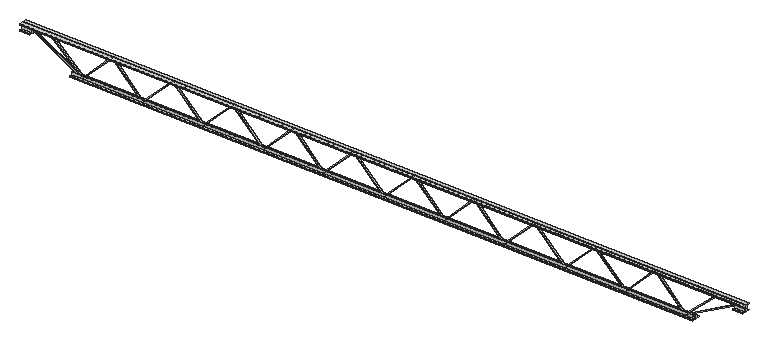
Revit family "M_Caibro de barra série K-Vara de teia", category Quadro estrutural, Revit 2019
Family settings
  Arredondamento do comprimento do framing estrutural = 1 mm
  Forma do corte = Não definido
  Material para o comportamento do modelo = Aço
  Exportar sempre como geometria = Sim
  Número OmniClass = 23.25.30.21.14.11
  Título OmniClass = Metal Joists
  ID de item do Seek = K-Series Bar Joist-Rod Web-0000-CAN-ENU
  Sempre na vertical = Sim
  Corte com vazios quando carregada = Não
  Representação simbólica = Da família
  Compartilhado = Não
  Exibir o pré-corte da família na vista da planta = Sim
Parameters (values of type "12K1")
  Material estrutural = none
  Deslocamento inicial [instance] = 0 mm
  M = 7.4
  Espessura da teia = 9.5 mm
  Comprimento do assento = 100 mm
  Profundidade do assento = 63.5 mm
  NumMatrizPainel [instance] = ComprimentoMatrizPainel / (2 * Linear)  # 10
  ComprimentoMatrizPainel [instance] = Length - (2 * Painel final)  # 6180 mm
  Painel [instance] = ComprimentoMatrizPainel / NumMatrizPainel  # 618 mm
  Extensão inicial [instance] = 0 mm
  Painel final = 2 * Linear  # 610 mm
  Deslocamento final [instance] = 0 mm
  Extensão final [instance] = 0 mm
  Perna da corda = 32 mm
  Espessura da corda = 6.5 mm
  Assembly Code = ""
  Length [instance] = 7400 mm
  Linear = 305 mm
Types (3, lengths in mm): name | M | NumMatrizPainel | ComprimentoMatrizPainel | Painel | Painel final | Linear
  (no name) | 7.4 | 10 | 6180 | 618 | 610 | 305
  12K1 | 7.4 | 10 | 6180 | 618 | 610 | 305
  8K1 | 7.6 | 16 | 6588 | 411.75 | 406 | 203
Reference planes
  plane 1 "Centro (Frente/Trás)": y = 0
  plane 2: z = 0
  plane 3 "Centro (Esquerda/Direita)": x = 4.61
  plane 4 "Membro esquerdo": x = -2027.39
  plane 5 "Membro direito": x = 2036.61
  plane 6: y = 36.75
  plane 7: y = -36.75
  plane 8: z = 152.5
  plane 9: z = -152.5
  plane 10 "Esquerda": x = -3695.39
  plane 11 "Símbolo esquerdo de verga": x = -4610.332
  plane 12 "Símbolo direito de verga": x = 4594.61
  plane 13 "Direita": x = 3704.61
  plane 14: z = 89
  plane 15: x = -3695.39
  plane 16: x = -3595.39
  plane 17: x = -3085.39
  plane 18: x = -3185.39
  plane 19: x = 3704.61
  plane 20: x = 3604.61
  plane 21: x = 3094.61
  plane 22: y = 4.75
  plane 23: y = -4.75
  plane 24: z = 120.5
  plane 25: z = -120.5
  plane 26: x = 3194.61
  plane 27: x = -3394.39
  plane 28: x = -2776.39
  plane 29: x = 2785.61
  plane 30: x = 3403.61
  plane 31: z = -146.15
  plane 32: z = 146.15
  plane 33: x = -3695.39
  plane 34: x = 3704.61
  plane 35 "Esquerda do símbolo": x = -4610.332
  plane 36: x = -4610.332
  plane 37: x = 4594.61
  plane 38 "Direita do símbolo": x = 4594.61
Forms (mm)
  Extrusion 1, solid, material <- "Material estrutural", detail levels medium+fine
    sketch origin (4.61, 0, 0) x (0, 1, 0) y (0, 0, 1)
      loop
        line (36.75, 152.5) -> (4.75, 152.5) -> (4.75, 120.5) -> (11.25, 120.5) -> (11.25, 146) -> (36.75, 146) -> (36.75, 152.5)
      loop
        line (-36.75, 152.5) -> (-36.75, 146) -> (-11.25, 146) -> (-11.25, 120.5) -> (-4.75, 120.5) -> (-4.75, 152.5) -> (-36.75, 152.5)
    from -3700 to 3700
  Extrusion 2, solid, material <- "Material estrutural", detail levels medium+fine
    sketch origin (4.61, 0, 0) x (0, 1, 0) y (0, 0, 1)
      loop
        line (4.75, -120.5) -> (4.75, -152.5) -> (36.75, -152.5) -> (36.75, -146) -> (11.25, -146) -> (11.25, -120.5) -> (4.75, -120.5)
      loop
        line (-4.75, -120.5) -> (-11.25, -120.5) -> (-11.25, -146) -> (-36.75, -146) -> (-36.75, -152.5) -> (-4.75, -152.5) -> (-4.75, -120.5)
    from -3190 to 3190
  Extrusion 3, solid, material <- "Material estrutural", detail levels medium+fine
    sketch origin (4.61, 0, 0) x (0, 1, 0) y (0, 0, 1)
      loop
        line (36.75, 89) -> (36.75, 95.5) -> (11.25, 95.5) -> (11.25, 120.5) -> (4.75, 120.5) -> (4.75, 89) -> (36.75, 89)
      loop
        line (-36.75, 89) -> (-4.75, 89) -> (-4.75, 120.5) -> (-11.25, 120.5) -> (-11.25, 95.5) -> (-36.75, 95.5) -> (-36.75, 89)
    from 3600 to 3700
  Extrusion 4, solid, material <- "Material estrutural", detail levels medium+fine
    sketch origin (4.61, 0, 0) x (0, 1, 0) y (0, 0, 1)
      loop
        line (-36.75, 89) -> (-4.75, 89) -> (-4.75, 120.5) -> (-11.25, 120.5) -> (-11.25, 95.5) -> (-36.75, 95.5) -> (-36.75, 89)
      loop
        line (4.75, 89) -> (36.75, 89) -> (36.75, 95.5) -> (11.25, 95.5) -> (11.25, 120.5) -> (4.75, 120.5) -> (4.75, 89)
    from -3700 to -3600
  Sweep 5, solid, material <- "Material estrutural", detail levels fine
    path origin (0, 0, 0) x (1, 0, 0) y (0, 0, 1)
      loop
        line (-3414.347, 133.45) -> (-3401.647, 133.45) -> (-3085.39, -146.15)
    profile origin (-3407.997, 0, 133.45) x (0, 0, 1) y (0, -1, 0)
      loop
        line (4.75, -4.75) -> (4.75, 4.75) -> (-4.75, 4.75) -> (-4.75, -4.75) -> (4.75, -4.75)
  Sweep 6, solid, material <- "Material estrutural", detail levels fine
    path origin (0, 0, 0) x (1, 0, 0) y (0, 0, 1)
      loop
        line (-3085.39, -146.15) -> (-3595.39, 120.5) -> (-3695.39, 120.5)
    profile origin (-3645.39, 0, 120.5) x (0, 0, -1) y (0, -1, 0)
      loop
        line (-4.75, -4.75) -> (4.75, -4.75) -> (4.75, 4.75) -> (-4.75, 4.75) -> (-4.75, -4.75)
  Sweep 7, solid, material <- "Material estrutural", detail levels fine
    path origin (0, 0, 0) x (1, 0, 0) y (0, 0, 1)
      loop
        line (3418.124, 146.15) -> (3094.61, -146.15)
    profile "Teia-Perfil1 : Teia-Perfil1" origin (3256.367, 0, 0) x (0.670404, 0, -0.741996) y (0, -1, 0)
      loop
        line (-4.75, 4.75) -> (-4.75, -4.75) -> (4.75, -4.75) -> (4.75, 4.75) -> (-4.75, 4.75)
  Sweep 8, solid, material <- "Material estrutural", detail levels fine
    path origin (0, 0, 0) x (1, 0, 0) y (0, 0, 1)
      loop
        line (3604.61, 120.5) -> (3094.61, -146.15)
    profile "Teia-Perfil1 : Teia-Perfil1" origin (3349.61, 0, -12.825) x (0.463335, 0, -0.886183) y (0, -1, 0)
      loop
        line (-4.75, 4.75) -> (-4.75, -4.75) -> (4.75, -4.75) -> (4.75, 4.75) -> (-4.75, 4.75)
Lines and regions (mm)
  symbolic lines, style "StructuralFraming", detail levels coarse
    curve 1: line (0, 36.75, 152.5) -> (0, 4.75, 152.5)
    curve 2: line (0, -36.75, -152.5) -> (0, -4.75, -152.5)
    curve 14: line (0, 4.75, -152.5) -> (0, 36.75, -152.5)
    curve 15: line (4.61, 4.75, -152.5) -> (4.61, 4.75, -120.5)
    curve 16: line (4.61, -4.75, -152.5) -> (4.61, -4.75, -120.5)
    curve 17: line (4.61, -4.75, 152.5) -> (4.61, -4.75, 120.5)
    curve 18: line (4.61, 4.75, 152.5) -> (4.61, 4.75, 120.5)
    curve 19: line (0, -4.75, 152.5) -> (0, -36.75, 152.5)
  symbolic lines, style "StructuralFraming", detail levels coarse+medium
    curve 3: line (0, 0, -152.5) -> (0, 0, 152.5)
  reference lines
    curve 4: line (-4510.332, 0, -276.008) -> (-4510.332, 0, 232.192)
    curve 5: line (-3900.332, 0, -282.358) -> (-3900.332, 0, 232.192)
    curve 7: line (4494.61, 0, -223.088) -> (4494.61, 0, 234.312)
    curve 8: line (3884.61, 0, -350.088) -> (3884.61, 0, 234.312)
  model lines, style "Caibro da teia", detail levels coarse
    curve 6: line (-4510.332, 0, 152.5) -> (-3900.332, 0, -152.5)
    curve 9: line (4494.61, 0, 152.5) -> (3884.61, 0, -152.5)
    curve 10: line (3884.61, 0, -152.5) -> (-3900.332, 0, -152.5)
    curve 11: line (4594.61, 0, 152.5) -> (-4610.332, 0, 152.5)
  model lines, style "StructuralFraming", detail levels medium
    curve 12: line (-3085.39, 0, -146.15) -> (-3386.999, 0, 120.5)
    curve 13: line (3389.735, 0, 120.5) -> (3094.61, 0, -146.15)
  model lines, detail levels medium
    curve 20: line (3604.61, 0, 120.5) -> (3094.61, 0, -146.15)
    curve 21: line (-3595.39, 0, 120.5) -> (-3085.39, 0, -146.15)
Dimensions and locks
  equal spacing: plane 9, plane 2, plane 8
  "Length": plane 10 "Esquerda" to plane 13 "Direita"
  equal spacing: plane 10 "Esquerda", plane 3 "Centro (Esquerda/Direita)", plane 13 "Direita"
  "Painel final": curve 5 to curve 4
  "Painel final": curve 7 to curve 8
  "Linear": plane 9 to plane 8
  "Profundidade do assento": plane 8 to plane 14
  locked: plane 18 to plane 17 at 100
  "Painel final": plane 10 "Esquerda" to plane 17
  "Painel final": plane 13 "Direita" to plane 21
  "Espessura da teia": plane 22 to plane 23
  equal spacing: plane 22, plane 1 "Centro (Frente/Trás)", plane 23
  "Perna da corda": plane 23 to plane 7
  "Perna da corda": plane 6 to plane 22
  "Perna da corda": plane 9 to plane 25
  "Perna da corda": plane 24 to plane 8
  "Espessura da corda": plane 8 to Extrusion 1 sketch curve
  "Espessura da corda": Extrusion 1 sketch curve to plane 8
  "Espessura da corda": plane 23 to Extrusion 1 sketch curve
  "Espessura da corda": Extrusion 1 sketch curve to plane 22
  "Espessura da corda": plane 9 to Extrusion 2 sketch curve  (x2)
  "Espessura da corda": Extrusion 2 sketch curve to plane 22
  "Espessura da corda": plane 23 to Extrusion 2 sketch curve
  locked: plane 21 to plane 26 at 100
  "Espessura da corda": plane 14 to Extrusion 3 sketch curve  (x2)
  "Espessura da corda": plane 23 to Extrusion 3 sketch curve
  "Espessura da corda": Extrusion 3 sketch curve to plane 22
  "Espessura da corda": plane 14 to Extrusion 4 sketch curve  (x2)
  "Espessura da corda": Extrusion 4 sketch curve to plane 22
  "Espessura da corda": plane 23 to Extrusion 4 sketch curve
  "Painel": plane 28 to plane 27
  equal spacing: plane 28, plane 17, plane 27
  "Painel": plane 29 to plane 30
  equal spacing: plane 29, plane 21, plane 30
  equal spacing: Sweep 5 sketch curve, curve 4, Sweep 5 sketch curve
  "Espessura da teia": Sweep 5 sketch curve to Sweep 5 sketch curve  (x2)
  equal spacing: Sweep 5 sketch curve, profile plane, Sweep 5 sketch curve
  locked: plane 31 to plane 9 at 6.35
  locked: plane 8 to plane 32 at 6.35
  locked: plane 8 to Sweep 5 sketch curve at 19.05
  "Espessura da teia": Sweep 6 sketch curve to Sweep 6 sketch curve
  equal spacing: Sweep 6 sketch curve, plane 24, Sweep 6 sketch curve
  equal spacing: group 1, group 3, group 4, group 5, group 6, group 7, group 8, group 9, group 10, group 2  (x3)
  "Deslocamento inicial": plane 10 "Esquerda" to plane 33
  "Comprimento do assento": plane 33 to plane 16
  "Extensão inicial": plane 15 to plane 33
  "Deslocamento final": plane 13 "Direita" to plane 34
  "Comprimento do assento": plane 34 to plane 20
  "Extensão final": plane 19 to plane 34
  "Comprimento do assento": plane 37 to curve 7
  "Comprimento do assento": curve 4 to plane 36
  "Extensão inicial": plane 36 to plane 35 "Esquerda do símbolo"
  "Deslocamento inicial": plane 36 to plane 11 "Símbolo esquerdo de verga"
  "Deslocamento final": plane 12 "Símbolo direito de verga" to plane 37
  "Extensão final": plane 38 "Direita do símbolo" to plane 37
  aligned and locked: curve 10 to plane 9
  aligned and locked: curve 4 to curve 6
  aligned and locked: curve 5 to curve 10
  aligned and locked: curve 8 to curve 10
  aligned and locked: plane 8 to Extrusion 1 sketch curve
  aligned and locked: Extrusion 1 sketch curve to plane 8
  aligned and locked: plane 6 to Extrusion 1 sketch curve
  aligned and locked: plane 7 to Extrusion 1 sketch curve
  aligned and locked: Extrusion 1 sketch curve to plane 24
  aligned and locked: plane 24 to Extrusion 1 sketch curve
  aligned and locked: plane 19 to Extrusion 1
  aligned and locked: plane 15 to Extrusion 1
  aligned and locked: plane 9 to Extrusion 2 sketch curve
  aligned and locked: Extrusion 2 sketch curve to plane 9
  aligned and locked: plane 6 to Extrusion 2 sketch curve
  aligned and locked: plane 7 to Extrusion 2 sketch curve
  aligned and locked: Extrusion 2 sketch curve to plane 22
  aligned and locked: Extrusion 2 sketch curve to plane 23
  aligned and locked: Extrusion 2 sketch curve to plane 25
  aligned and locked: plane 25 to Extrusion 2 sketch curve
  aligned and locked: Extrusion 2 to plane 26
  aligned and locked: plane 18 to Extrusion 2
  aligned and locked: Extrusion 3 sketch curve to plane 7
  aligned and locked: plane 14 to Extrusion 3 sketch curve
  aligned and locked: Extrusion 3 sketch curve to plane 14
  aligned and locked: Extrusion 3 sketch curve to plane 6
  aligned and locked: Extrusion 3 sketch curve to plane 23
  aligned and locked: Extrusion 3 sketch curve to plane 22
  aligned and locked: Extrusion 3 sketch curve to plane 24
  aligned and locked: plane 24 to Extrusion 3 sketch curve
  aligned and locked: plane 19 to Extrusion 3
  aligned and locked: Extrusion 3 to plane 20
  aligned and locked: plane 6 to Extrusion 4 sketch curve
  aligned and locked: Extrusion 4 sketch curve to plane 7
  aligned and locked: Extrusion 4 sketch curve to plane 22
  aligned and locked: plane 23 to Extrusion 4 sketch curve
  aligned and locked: plane 24 to Extrusion 4 sketch curve  (x2)
  aligned and locked: Extrusion 4 sketch curve to plane 14  (x2)
  aligned and locked: plane 15 to Extrusion 4
  aligned and locked: plane 16 to Extrusion 4
  aligned and locked: curve 12 to Sweep 5 sketch curve
  aligned and locked: Sweep 6 sketch curve to plane 22
  aligned and locked: plane 23 to Sweep 6 sketch curve
  aligned and locked: Sweep 7 sketch curve to curve 13
  aligned and locked: plane 1 "Centro (Frente/Trás)" to nested 1
  aligned and locked: nested 1 to plane 17
  aligned and locked: Extrusion 2 to curve 15
  aligned and locked: curve 15 to Extrusion 2
  aligned and locked: curve 2 to curve 16
  aligned and locked: curve 16 to Extrusion 2
  aligned and locked: Extrusion 1 to curve 17
  aligned and locked: curve 17 to Extrusion 1
  aligned and locked: curve 18 to Extrusion 1  (x2)
  aligned and locked: curve 1 to Extrusion 1
  aligned and locked: nested 2 to plane 21
  aligned and locked: curve 7 to curve 9
  aligned and locked: Sweep 8 sketch curve to curve 20
  aligned and locked: Extrusion 4 to curve 21
  aligned and locked: plane 16 to curve 21
  aligned and locked: plane 17 to curve 21
  aligned and locked: Sweep 6 sketch curve to curve 21
  aligned and locked: Sweep 6 sketch curve to Extrusion 1
  aligned and locked: plane 35 "Esquerda do símbolo" to curve 11
  aligned and locked: plane 38 "Direita do símbolo" to curve 11
Automatic sketch dimensions
  Extrusion 1 sketch curve to plane 23 = 0 mm
  Extrusion 1 sketch curve to plane 22 = 0 mm
  Sweep 5 sketch curve to plane 17 = 0 mm
  Sweep 5 sketch curve to plane 31 = 0 mm
  Sweep 5 sketch curve to plane 27 = 7.257 mm
  Sweep 5 sketch curve to Sweep 5 sketch curve = 12.7 mm
  Sweep 7 sketch curve to plane 21 = 0 mm
  Sweep 7 sketch curve to plane 32 = 0 mm
  Sweep 7 sketch curve to plane 31 = 0 mm
  Sweep 7 sketch curve to plane 30 = 14.514 mm
  curve 19 to plane 7 = 0 mm  (x2)
  curve 2 to plane 7 = 0 mm
  curve 2 to plane 9 = 0 mm
  curve 2 to plane 23 = 0 mm
  curve 3 to plane 1 "Centro (Frente/Trás)" = 0 mm
  curve 1 to plane 6 = 0 mm  (x2)
  curve 3 to plane 9 = 0 mm
  curve 15 to plane 25 = 0 mm
  curve 16 to plane 25 = 0 mm
  curve 18 to plane 24 = 0 mm
  curve 17 to plane 24 = 0 mm
  curve 19 to plane 8 = 0 mm  (x2)
  curve 1 to plane 8 = 0 mm
  curve 3 to plane 8 = 0 mm
  curve 14 to plane 6 = 0 mm
  curve 14 to plane 9 = 0 mm
  curve 14 to plane 22 = 0 mm
  curve 1 to plane 22 = 0 mm
  curve 19 to plane 23 = 0 mm
  Sweep 8 sketch curve to plane 21 = 0 mm
  Sweep 8 sketch curve to plane 24 = 0 mm
  Sweep 6 sketch curve to plane 33 = 0 mm
  Sweep 6 sketch curve to plane 17 = 0 mm
  curve 4 to plane 8 = 79.692 mm
  plane 9 to curve 8 = 197.588 mm
  plane 9 to curve 5 = 129.858 mm
  plane 9 to curve 4 = 123.508 mm
  plane 9 to curve 7 = 70.588 mm
  curve 5 to plane 8 = 79.692 mm
  curve 8 to plane 8 = 81.812 mm
  curve 7 to plane 8 = 81.812 mm
  curve 12 to plane 24 = 0 mm
  curve 20 to plane 21 = 0 mm
  curve 13 to plane 24 = 0 mm
  curve 20 to plane 20 = 0 mm
  curve 12 to plane 31 = 0 mm
  curve 20 to plane 24 = 0 mm
  curve 9 to plane 8 = 0 mm
Nested families
  nested 1: "Teia da vara" at (-3085.39, 0, 0), type "Teia da vara"
  nested 2: "Teia da vara" at (2476.61, 0, 0), type "Teia da vara"
  nested 3: "Teia da vara" at (-2467.39, 0, 0), type "Teia da vara"
  nested 4: "Teia da vara" at (-1849.39, 0, 0), type "Teia da vara"
  nested 5: "Teia da vara" at (-1231.39, 0, 0), type "Teia da vara"
  nested 6: "Teia da vara" at (-613.39, 0, 0), type "Teia da vara"
  nested 7: "Teia da vara" at (4.61, 0, 0), type "Teia da vara"
  nested 8: "Teia da vara" at (622.61, 0, 0), type "Teia da vara"
  nested 9: "Teia da vara" at (1240.61, 0, 0), type "Teia da vara"
  nested 10: "Teia da vara" at (1858.61, 0, 0), type "Teia da vara"
Definition of nested family "Teia da vara"
  Parameters
    MaterialTeia = none
    Espessura da teia = 9.5 mm
    AlturaPainel = 305 mm
    LarguraPainel = ComprimentoVínculo / NumPainel  # 618 mm
    ComprimentoVínculo = 6180 mm
    NumPainel = ComprimentoVínculo / (2 * AlturaPainel)  # 10
    Assembly Code = ""
  Reference planes
    plane 1 "Centro (Frente/Trás)": y = 0
    plane 2: z = 0
    plane 3 "Centro (Esquerda/Direita)": x = 0
    plane 4: x = 618
    plane 5: x = 309
    plane 6: z = -152.5
    plane 7: z = -146.15
    plane 8: z = 146.15
    plane 9: z = 152.5
  Forms (mm)
    Sweep 1, solid, material <- "MaterialTeia", detail levels fine
      path in 3D
        loop
          line (0, 0, -146.15) -> (3.175, 0, -146.15) -> (305.825, 0, 146.15) -> (312.175, 0, 146.15) -> (614.825, 0, -146.15) -> (618, 0, -146.15)
      profile origin (309, 0, 0) x (0, 0, 1) y (0, -1, 0)
        loop
          line (150.9, -4.75) -> (150.9, 4.75) -> (141.4, 4.75) -> (141.4, -4.75) -> (150.9, -4.75)
  Lines and regions (mm)
    model lines, detail levels medium+fine
      curve 1: line (0, 0, -152.5) -> (0, 0, 152.5)
      curve 2: line (0, 0, 152.5) -> (618, 0, 152.5)
      curve 3: line (618, 0, 152.5) -> (618, 0, -152.5)
      curve 4: line (618, 0, -152.5) -> (0, 0, -152.5)
    model lines, detail levels medium
      curve 5: line (305.825, 0, 146.15) -> (312.175, 0, 146.15)
      curve 6: line (0, 0, -146.15) -> (3.175, 0, -146.15)
      curve 7: line (618, 0, -146.15) -> (614.825, 0, -146.15)
      curve 8: line (3.175, 0, -146.15) -> (305.825, 0, 146.15)
      curve 9: line (312.175, 0, 146.15) -> (614.825, 0, -146.15)
    sketch lines
      curve 10: line (305.825, 0, 146.15) -> (312.175, 0, 146.15)
      curve 11: line (3.175, 0, -146.15) -> (305.825, 0, 146.15)
      curve 12: line (312.175, 0, 146.15) -> (614.825, 0, -146.15)
      curve 13: line (0, 0, -146.15) -> (3.175, 0, -146.15)
      curve 14: line (618, 0, -146.15) -> (614.825, 0, -146.15)
  Dimensions and locks
    "LarguraPainel": plane 4 to plane 3 "Centro (Esquerda/Direita)"
    equal spacing: plane 4, plane 5, plane 3 "Centro (Esquerda/Direita)"
    locked: plane 7 to plane 6 at 6.35
    curve 5 to plane 5 to curve 5 = 3.175 mm locked, 3.175 mm locked
    locked: curve 6 to plane 3 "Centro (Esquerda/Direita)" at 3.175
    curve 7 to plane 4 = 3.175 mm
    equal spacing: Sweep 1 sketch curve, plane 1 "Centro (Frente/Trás)", Sweep 1 sketch curve
    "Espessura da teia": Sweep 1 sketch curve to Sweep 1 sketch curve  (x2)
    equal spacing: Sweep 1 sketch curve, plane 8, Sweep 1 sketch curve
    locked: plane 9 to plane 8 at 6.35
    "AlturaPainel": plane 9 to plane 6
    equal spacing: plane 9, plane 2, plane 6
    aligned and locked: plane 8 to curve 5
    aligned and locked: curve 7 to plane 7
    aligned and locked: plane 7 to curve 6
    aligned and locked: plane 9 to curve 2
  Automatic sketch dimensions
    curve 1 to plane 3 "Centro (Esquerda/Direita)" = 0 mm
    curve 3 to plane 4 = 0 mm
    curve 4 to plane 6 = 0 mm
Types in the file's own list only (62): name | M | Espessura da teia | Profundidade do assento | Painel final | Espessura da corda | Linear
  10K1 | 7.4 | 10 mm | 64 mm | 508 mm | 7 mm | 254 mm
  12K3 | 8.5 | 10 mm | 64 mm | 610 mm | 7 mm | 305 mm
  12K5 | 10.6 | 10 mm | 64 mm | 610 mm | 7 mm | 305 mm
  14K1 | 7.7 | 10 mm | 64 mm | 712 mm | 7 mm | 356 mm
  14K3 | 8.9 | 10 mm | 64 mm | 712 mm | 7 mm | 356 mm
  14K4 | 10 | 10 mm | 64 mm | 712 mm | 7 mm | 356 mm
  14K6 | 11.5 | 10 mm | 64 mm | 712 mm | 7 mm | 356 mm
  16K2 | 8.2 | 10 mm | 64 mm | 812 mm | 7 mm | 406 mm
  16K3 | 9.4 | 10 mm | 64 mm | 812 mm | 7 mm | 406 mm
  16K4 | 10.4 | 10 mm | 64 mm | 812 mm | 7 mm | 406 mm
  16K5 | 11.2 | 10 mm | 64 mm | 812 mm | 7 mm | 406 mm
  16K6 | 12.1 | 10 mm | 64 mm | 812 mm | 7 mm | 406 mm
  16K7 | 12.8 | 10 mm | 64 mm | 812 mm | 7 mm | 406 mm
  16K9 | 14.9 | 10 mm | 64 mm | 812 mm | 7 mm | 406 mm
  18K3 | 9.8 | 10 mm | 64 mm | 914 mm | 7 mm | 457 mm
  18K4 | 10.7 | 10 mm | 64 mm | 914 mm | 7 mm | 457 mm
  18K5 | 11.5 | 10 mm | 64 mm | 914 mm | 7 mm | 457 mm
  18K6 | 12.6 | 10 mm | 64 mm | 914 mm | 7 mm | 457 mm
  18K7 | 13.4 | 10 mm | 64 mm | 914 mm | 7 mm | 457 mm
  18K9 | 15.2 | 10 mm | 64 mm | 914 mm | 7 mm | 457 mm
  18K10 | 17.4 | 10 mm | 64 mm | 914 mm | 7 mm | 457 mm
  20K3 | 10 | 10 mm | 64 mm | 1016 mm | 7 mm | 508 mm
  20K4 | 11.3 | 10 mm | 64 mm | 1016 mm | 7 mm | 508 mm
  20K5 | 12.2 | 10 mm | 64 mm | 1016 mm | 7 mm | 508 mm
  20K6 | 13.2 | 10 mm | 64 mm | 1016 mm | 7 mm | 508 mm
  20K7 | 13.8 | 10 mm | 64 mm | 1016 mm | 7 mm | 508 mm
  20K9 | 16.1 | 10 mm | 64 mm | 1016 mm | 7 mm | 508 mm
  20K10 | 18.2 | 10 mm | 64 mm | 1016 mm | 7 mm | 508 mm
  22K4 | 11.9 | 10 mm | 64 mm | 1118 mm | 7 mm | 559 mm
  22K5 | 13.1 | 10 mm | 64 mm | 1118 mm | 7 mm | 559 mm
  22K6 | 13.7 | 10 mm | 64 mm | 1118 mm | 7 mm | 559 mm
  22K7 | 14.4 | 10 mm | 64 mm | 1118 mm | 7 mm | 559 mm
  22K9 | 16.8 | 10 mm | 64 mm | 1118 mm | 7 mm | 559 mm
  22K10 | 18.8 | 10 mm | 64 mm | 1118 mm | 7 mm | 559 mm
  22K11 | 20.5 | 10 mm | 64 mm | 1118 mm | 7 mm | 559 mm
  24K4 | 12.5 | 10 mm | 64 mm | 1220 mm | 7 mm | 610 mm
  24K5 | 13.8 | 10 mm | 64 mm | 1220 mm | 7 mm | 610 mm
  24K6 | 14.4 | 10 mm | 64 mm | 1220 mm | 7 mm | 610 mm
  24K7 | 15 | 10 mm | 64 mm | 1220 mm | 7 mm | 610 mm
  24K8 | 17.1 | 10 mm | 64 mm | 1220 mm | 7 mm | 610 mm
  24K9 | 17.9 | 10 mm | 64 mm | 1220 mm | 7 mm | 610 mm
  24K10 | 19.5 | 10 mm | 64 mm | 1220 mm | 7 mm | 610 mm
  24K12 | 23.8 | 10 mm | 64 mm | 1220 mm | 7 mm | 610 mm
  26K5 | 14.6 | 10 mm | 64 mm | 1320 mm | 7 mm | 660 mm
  26K6 | 15.8 | 10 mm | 64 mm | 1320 mm | 7 mm | 660 mm
  26K7 | 16.2 | 10 mm | 64 mm | 1320 mm | 7 mm | 660 mm
  26K8 | 18 | 10 mm | 64 mm | 1320 mm | 7 mm | 660 mm
  26K9 | 18.2 | 10 mm | 64 mm | 1320 mm | 7 mm | 660 mm
  26K10 | 20.5 | 10 mm | 64 mm | 1320 mm | 7 mm | 660 mm
  26K12 | 24.7 | 10 mm | 64 mm | 1320 mm | 7 mm | 660 mm
  28K6 | 17 | 10 mm | 64 mm | 1422 mm | 7 mm | 711 mm
  28K7 | 17.6 | 10 mm | 64 mm | 1422 mm | 7 mm | 711 mm
  28K8 | 18.9 | 10 mm | 64 mm | 1422 mm | 7 mm | 711 mm
  28K9 | 19.3 | 10 mm | 64 mm | 1422 mm | 7 mm | 711 mm
  28K10 | 21.3 | 10 mm | 64 mm | 1422 mm | 7 mm | 711 mm
  28K12 | 25.5 | 10 mm | 64 mm | 1422 mm | 7 mm | 711 mm
  30K7 | 18.3 | 10 mm | 64 mm | 1524 mm | 7 mm | 762 mm
  30K8 | 19.6 | 10 mm | 64 mm | 1524 mm | 7 mm | 762 mm
  30K9 | 19.9 | 10 mm | 64 mm | 1524 mm | 7 mm | 762 mm
  30K10 | 22.3 | 10 mm | 64 mm | 1524 mm | 7 mm | 762 mm
  30K11 | 24.4 | 10 mm | 64 mm | 1524 mm | 7 mm | 762 mm
  30K12 | 26.2 | 10 mm | 64 mm | 1524 mm | 7 mm | 762 mm
